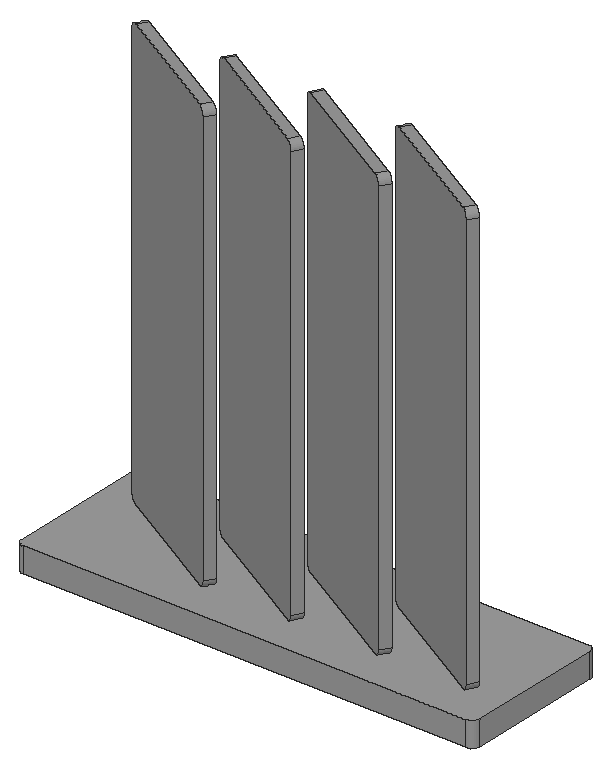
Revit family "GE6 -4 Fins", category Furniture, Revit 2019
Family settings
  OmniClass Number = 23.40.20.00
  OmniClass Title = General Furniture and Specialties
  Work Plane-Based = No
  Always vertical = Yes
  Cut with Voids When Loaded = No
  Shared = No
  Room Calculation Point = No
Parameters (values of type "1200 x 400 x 1200 High")
  Width = 1200 mm
  URL = "www.gof.co.uk"
  Fins = GABRIEL Byron_15101
  Range = "SCREENS"
  Product Data Specification = ""
  Product Code = "GE21A1"
  Product Brochure = ""
  Model = "GE6"
  Manufacturer = "Gresham Office Furniture"  # constant formula
  Fin Height = 1200 mm
  Depth = 400 mm
  Base = Gresham - WHITE PLASTIC
Types (4, lengths in mm): name | Product Code | Fin Height
  (no name) | "GE21A1" | 1200
  1200 x 400 x 1200 High | "GE21A1" | 1200
  1200 x 400 x 1600 High | "GE21A2" | 1600
  1200 x 400 x 1800 High | "GE21A3" | 1800
Reference planes
  plane 1 "Center (Front/Back)": y = 0
  plane 2: z = 0
  plane 3 "Center (Left/Right)": x = 0
  plane 4 "Base Gap": z = 5
  plane 5 "1200": z = 1200
  plane 6: y = -200
  plane 7: x = 600
  plane 8: x = -600
  plane 9: y = 200
  plane 10 "Base": z = 70
  plane 11: z = 1600
  plane 12: z = 1800
Forms (mm)
  Extrusion 1, solid, material "Gresham - WHITE PLASTIC" <- "Base"
    sketch origin (0, 0, 5) x (0, -1, 0) y (1, 0, 0)
      loop
        arc (-200, -580) -> (-194.142, -594.142) -> (-180, -600) r 20
        line (-180, -600) -> (180, -600)
        arc (180, -600) -> (194.142, -594.142) -> (200, -580) r 20
        line (200, -580) -> (200, 580)
        arc (200, 580) -> (194.142, 594.142) -> (180, 600) r 20
        line (180, 600) -> (-180, 600)
        arc (-180, 600) -> (-194.142, 594.142) -> (-200, 580) r 20
        line (-200, 580) -> (-200, -580)
    from 0 to 65
Dimensions and locks
  equal spacing: plane 8, plane 3 "Center (Left/Right)", plane 7
  "Width": plane 8 to plane 7
  equal spacing: plane 9, plane 1 "Center (Front/Back)", plane 6
  "Depth": plane 9 to plane 6
  locked: plane 4 "Base Gap" to level at 5
  locked: plane 10 "Base" to plane 4 "Base Gap" at 65
  locked: plane 5 "1200" to level at 1200
  locked: plane 11 to level at 1600
  locked: plane 12 to level at 1800
  "Fin Height": nested 1 to level
  nested 1 to plane 7 = 75 mm
  plane 8 to nested 4 = 74.59 mm
  aligned and locked: level to plane 2
Automatic sketch dimensions
  Extrusion 1 sketch curve to plane 9 = 0 mm
  Extrusion 1 sketch curve to plane 8 = 0 mm
  Extrusion 1 sketch curve to plane 7 = 0 mm
  Extrusion 1 sketch curve to plane 6 = 0 mm
  Extrusion 1 sketch curve to plane 9 = 20 mm  (x2)
  plane 6 to Extrusion 1 sketch curve = 20 mm  (x2)
Nested families
  nested 1: "Fin" at (344.795, 0, 0) x (0.5, 0.866, 0) z (0, 0, 1), type "Fin"
  nested 2: "Fin" at (114.795, 0, 0) x (0.5, 0.866, 0) z (0, 0, 1), type "Fin"
  nested 3: "Fin" at (-115.205, 0, 0) x (0.5, 0.866, 0) z (0, 0, 1), type "Fin"
  nested 4: "Fin" at (-345.205, 0, 0) x (0.5, 0.866, 0) z (0, 0, 1), type "Fin"
Definition of nested family "Fin"
  Parameters (values of type "Fin")
    Width = 1200 mm
    URL = "www.gof.co.uk"
    Fins = none
    Range = "SCREENS"
    Product Data Specification = ""
    Product Code = ""
    Product Brochure = ""
    Model = "GE6"
    Manufacturer = "Gresham Office Furniture"  # constant formula
    Fin Height = 1200 mm
    Depth = 400 mm
  Reference planes
    plane 1 "Center (Front/Back)": y = 0
    plane 2: z = 0
    plane 3 "Center (Left/Right)": x = 0
    plane 4 "Base Gap": z = 5
    plane 5 "1200": z = 1200
    plane 6: y = -200
    plane 7: x = 600
    plane 8: x = -600
    plane 9: y = 200
    plane 10 "Base": z = 70
    plane 11: z = 1600
    plane 12: z = 1800
  Forms (mm)
    Extrusion 1, solid, material <- "Fins"
      sketch origin (-14, 0, 0) x (0, 1, 0) y (0, 0, 1)
        loop
          arc (180, 70) -> (194.142, 75.858) -> (200, 90) r 20
          line (200, 90) -> (200, 1180)
          arc (200, 1180) -> (194.142, 1194.142) -> (180, 1200) r 20
          line (180, 1200) -> (-180, 1200)
          arc (-180, 1200) -> (-194.142, 1194.142) -> (-200, 1180) r 20
          line (-200, 1180) -> (-200, 90)
          arc (-200, 90) -> (-194.142, 75.858) -> (-180, 70) r 20
          line (-180, 70) -> (180, 70)
      from 0 to 28
  Dimensions and locks
    equal spacing: plane 8, plane 3 "Center (Left/Right)", plane 7
    "Width": plane 8 to plane 7
    equal spacing: plane 9, plane 1 "Center (Front/Back)", plane 6
    "Depth": plane 9 to plane 6
    locked: plane 4 "Base Gap" to level at 5
    locked: plane 10 "Base" to plane 4 "Base Gap" at 65
    locked: plane 5 "1200" to level at 1200
    locked: plane 11 to level at 1600
    locked: plane 12 to level at 1800
    "Fin Height": Extrusion 1 to level
    aligned and locked: level to plane 2
  Automatic sketch dimensions
    Extrusion 1 sketch curve to plane 6 = 0 mm
    Extrusion 1 sketch curve to plane 10 "Base" = 0 mm
    Extrusion 1 sketch curve to plane 5 "1200" = 0 mm
    Extrusion 1 sketch curve to plane 9 = 0 mm
    plane 6 to Extrusion 1 sketch curve = 20 mm
    Extrusion 1 sketch curve to Extrusion 1 sketch curve = 20 mm  (x2)
    Extrusion 1 sketch curve to plane 9 = 20 mm
